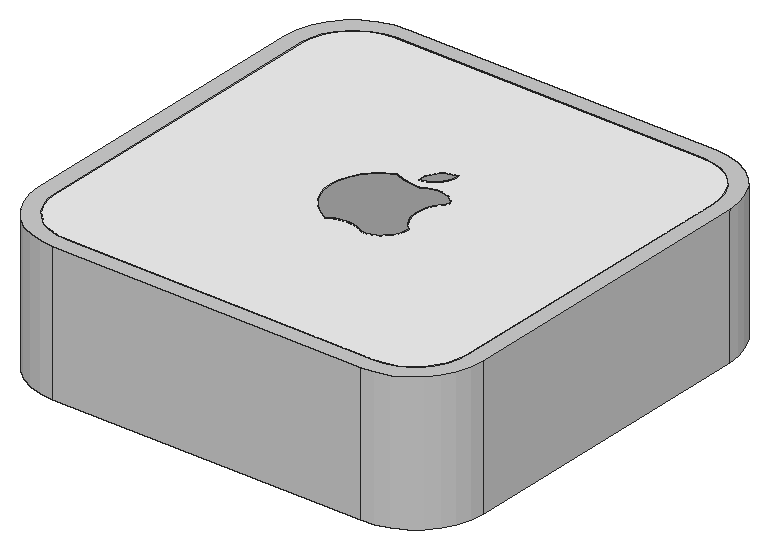
Revit family
Parameters
  Width Shell = 0' - 0 31/128"
  Width = 0' - 6 1/2"
  Material Shell = Aluminium
  Material Logo = Frosted Glass Dark
  Material Inner = Frosted Glass
  Height = 0' - 2"
Reference planes (in)
  plane 1 "Center (Front/Back)": y = 0.25
  plane 2: z = 0
  plane 3 "Center (Left/Right)": x = 0
  plane 4: x = -3.25
  plane 5: x = 3.25
  plane 6: y = 3.5
  plane 7: y = -3
  plane 8: z = 2
  plane 9: x = -3.00781
  plane 10: y = 3.25781
  plane 11: y = -2.75781
  plane 12: x = 3.00781
  plane 13: z = 1.75
  plane 14: z = 1.625
  plane 15: x = -2.75781
  plane 16: x = 2.75781
Forms (in)
  Extrusion 1, solid, material "Aluminium" <- "Material Shell"
    sketch origin (0, 0, 0) x (1, 0, 0) y (0, 1, 0)
      loop
        arc (-2.25, 3.5) -> (-2.95711, 3.20711) -> (-3.25, 2.5) r 1
        line (-3.25, 2.5) -> (-3.25, -2)
        arc (-3.25, -2) -> (-2.95711, -2.70711) -> (-2.25, -3) r 1
        line (-2.25, -3) -> (2.25, -3)
        arc (2.25, -3) -> (2.95711, -2.70711) -> (3.25, -2) r 1
        line (3.25, -2) -> (3.25, 2.5)
        arc (3.25, 2.5) -> (2.95711, 3.20711) -> (2.25, 3.5) r 1
        line (2.25, 3.5) -> (-2.25, 3.5)
      loop
        arc (-2.25781, 3.25781) -> (-2.78814, 3.03814) -> (-3.00781, 2.50781) r 0.75
        line (-3.00781, 2.50781) -> (-3.00781, -2.00781)
        arc (-3.00781, -2.00781) -> (-2.78814, -2.53814) -> (-2.25781, -2.75781) r 0.75
        line (-2.25781, -2.75781) -> (2.25781, -2.75781)
        arc (2.25781, -2.75781) -> (2.78814, -2.53814) -> (3.00781, -2.00781) r 0.75
        line (3.00781, -2.00781) -> (3.00781, 2.50781)
        arc (3.00781, 2.50781) -> (2.78814, 3.03814) -> (2.25781, 3.25781) r 0.75
        line (2.25781, 3.25781) -> (-2.25781, 3.25781)
    from 0 to 2
  Extrusion 2, solid, material "Frosted Glass" <- "Material Inner"
    sketch origin (0, 0, 0) x (1, 0, 0) y (0, 1, 0)
      loop
        arc (-3.00781, -2.00781) -> (-2.78814, -2.53814) -> (-2.25781, -2.75781) r 0.75
        line (-2.25781, -2.75781) -> (2.25781, -2.75781)
        arc (2.25781, -2.75781) -> (2.78814, -2.53814) -> (3.00781, -2.00781) r 0.75
        line (3.00781, -2.00781) -> (3.00781, 2.50781)
        arc (3.00781, 2.50781) -> (2.78814, 3.03814) -> (2.25781, 3.25781) r 0.75
        line (2.25781, 3.25781) -> (-2.25781, 3.25781)
        arc (-2.25781, 3.25781) -> (-2.78814, 3.03814) -> (-3.00781, 2.50781) r 0.75
        line (-3.00781, 2.50781) -> (-3.00781, -2.00781)
      loop
        arc (-0.25166, 0.78418) -> (-0.68908, 0.1332) -> (-0.25218, -0.51814) r 0.70354
        arc (-0.25218, -0.51814) -> (0.01429, -0.4404) -> (0.28074, -0.5182) r 0.49539
        arc (0.28074, -0.5182) -> (0.55266, -0.40557) -> (0.66529, -0.13365) r 0.38455
        arc (0.66529, -0.13365) -> (0.49016, 0.24159) -> (0.66553, 0.61671) r 0.48923
        arc (0.66553, 0.61671) -> (0.44126, 0.78098) -> (0.17406, 0.70427) r 0.31571
        arc (0.17406, 0.70427) -> (-0.04333, 0.72008) -> (-0.25166, 0.78418) r 0.9671
      loop
        arc (0.33583, 1.19403) -> (0.09789, 1.08875) -> (0.03553, 0.83614) r 0.29537
        arc (0.03553, 0.83614) -> (0.25775, 0.95462) -> (0.33583, 1.19403) r 0.33706
    from 1.75 to 2
  Extrusion 3, solid, material "Frosted Glass Dark" <- "Material Logo"
    sketch origin (0, 0, 0) x (1, 0, 0) y (0, 1, 0)
      loop
        arc (-0.25218, -0.51814) -> (0.01429, -0.4404) -> (0.28074, -0.5182) r 0.49539
        arc (0.28074, -0.5182) -> (0.55266, -0.40557) -> (0.66529, -0.13365) r 0.38455
        arc (0.66529, -0.13365) -> (0.49016, 0.24159) -> (0.66553, 0.61671) r 0.48923
        arc (0.66553, 0.61671) -> (0.44126, 0.78098) -> (0.17406, 0.70427) r 0.31571
        arc (0.17406, 0.70427) -> (-0.04333, 0.72008) -> (-0.25166, 0.78418) r 0.9671
        arc (-0.25166, 0.78418) -> (-0.68908, 0.1332) -> (-0.25218, -0.51814) r 0.70354
      loop
        arc (0.03553, 0.83614) -> (0.25775, 0.95462) -> (0.33583, 1.19403) r 0.33706
        arc (0.33583, 1.19403) -> (0.09789, 1.08875) -> (0.03553, 0.83614) r 0.29537
    from 1.91991 to 2
Lines and regions (in)
  symbolic lines
    curve 1: line (-2.25, -3, 0) -> (2.25, -3, 0)
    curve 2: arc (2.25, -3, 0) -> (2.95711, -2.70711, 0) -> (3.25, -2, 0) r 1
    curve 3: line (3.25, -2, 0) -> (3.25, 2.5, 0)
    curve 4: arc (3.25, 2.5, 0) -> (2.95711, 3.20711, 0) -> (2.25, 3.5, 0) r 1
    curve 5: line (2.25, 3.5, 0) -> (-2.25, 3.5, 0)
    curve 6: arc (-2.25, 3.5, 0) -> (-2.95711, 3.20711, 0) -> (-3.25, 2.5, 0) r 1
    curve 7: line (-3.25, 2.5, 0) -> (-3.25, -2, 0)
    curve 8: arc (-3.25, -2, 0) -> (-2.95711, -2.70711, 0) -> (-2.25, -3, 0) r 1
    curve 9: line (-2.25781, -2.75781, 0) -> (2.25781, -2.75781, 0)
    curve 10: arc (2.25781, -2.75781, 0) -> (2.78814, -2.53814, 0) -> (3.00781, -2.00781, 0) r 0.75
    curve 11: line (3.00781, -2.00781, 0) -> (3.00781, 2.50781, 0)
    curve 12: arc (3.00781, 2.50781, 0) -> (2.78814, 3.03814, 0) -> (2.25781, 3.25781, 0) r 0.75
    curve 13: line (2.25781, 3.25781, 0) -> (-2.25781, 3.25781, 0)
    curve 14: arc (-2.25781, 3.25781, 0) -> (-2.78814, 3.03814, 0) -> (-3.00781, 2.50781, 0) r 0.75
    curve 15: line (-3.00781, 2.50781, 0) -> (-3.00781, -2.00781, 0)
    curve 16: arc (-3.00781, -2.00781, 0) -> (-2.78814, -2.53814, 0) -> (-2.25781, -2.75781, 0) r 0.75
    curve 17: arc (-0.25166, 0.78418, 0) -> (-0.68908, 0.1332, 0) -> (-0.25218, -0.51814, 0) r 0.70354
    curve 18: arc (-0.25218, -0.51814, 0) -> (0.01429, -0.4404, 0) -> (0.28074, -0.5182, 0) r 0.49539
    curve 19: arc (0.28074, -0.5182, 0) -> (0.55266, -0.40557, 0) -> (0.66529, -0.13365, 0) r 0.38455
    curve 20: arc (0.66529, -0.13365, 0) -> (0.49016, 0.24159, 0) -> (0.66553, 0.61671, 0) r 0.48923
    curve 21: arc (0.66553, 0.61671, 0) -> (0.44126, 0.78098, 0) -> (0.17406, 0.70427, 0) r 0.31571
    curve 22: arc (0.17406, 0.70427, 0) -> (-0.04333, 0.72008, 0) -> (-0.25166, 0.78418, 0) r 0.9671
    curve 23: arc (0.03553, 0.83614, 0) -> (0.25775, 0.95462, 0) -> (0.33583, 1.19403, 0) r 0.33706
    curve 24: arc (0.33583, 1.19403, 0) -> (0.09789, 1.08875, 0) -> (0.03553, 0.83614, 0) r 0.29537
    curve 25: arc (-3.00781, 2.50781, 0) -> (-2.78814, 3.03814, 0) -> (-2.25781, 3.25781, 0) r 0.75
  model lines
    curve 26: arc (-2.19531, -3, 1.75) -> (-2.25781, -3, 1.6875) -> (-2.19531, -3, 1.625) r 0.0625
    curve 27: line (-2.19531, -3, 1.625) -> (2.19531, -3, 1.625)
    curve 28: line (2.19531, -3, 1.75) -> (-2.19531, -3, 1.75)
    curve 29: arc (2.19531, -3, 1.625) -> (2.25781, -3, 1.6875) -> (2.19531, -3, 1.75) r 0.0625
Dimensions and locks (in)
  equal spacing: plane 4, plane 3 "Center (Left/Right)", plane 5
  equal spacing: plane 7, plane 1 "Center (Front/Back)", plane 6
  "Width": plane 4 to plane 5
  "Width": plane 7 to plane 6
  "Height": plane 8 to level
  "Width Shell": plane 10 to plane 6
  "Width Shell": plane 11 to plane 7
  "Width Shell": plane 4 to plane 9
  "Width Shell": plane 12 to plane 5
  locked: plane 8 to plane 13 at 0.25
  locked: plane 15 to plane 9 at 0.25
  locked: plane 16 to plane 12 at 0.25
  locked: plane 13 to plane 14 at 0.125
  aligned and locked: plane 5 to Extrusion 1 sketch curve
  aligned and locked: Extrusion 1 to level
  aligned and locked: plane 8 to Extrusion 1
  aligned and locked: Extrusion 2 sketch curve to Extrusion 1  (x4)
  aligned and locked: curve 1 to Extrusion 1
  aligned and locked: curve 3 to Extrusion 1
  aligned and locked: curve 5 to Extrusion 1
  aligned and locked: curve 7 to Extrusion 1
  aligned and locked: curve 9 to Extrusion 2
  aligned and locked: curve 11 to Extrusion 2
  aligned and locked: curve 13 to Extrusion 2
  aligned and locked: curve 15 to Extrusion 2
  aligned and locked: Extrusion 2 to plane 13
  aligned and locked: plane 8 to Extrusion 2
  aligned and locked: plane 8 to Extrusion 3
Automatic sketch dimensions
  Extrusion 1 sketch curve to plane 4 = 0' - 0"
  Extrusion 1 sketch curve to plane 9 = 0' - 0"
  Extrusion 1 sketch curve to plane 10 = 0' - 0"
  Extrusion 1 sketch curve to plane 11 = 0' - 0"
  Extrusion 1 sketch curve to plane 7 = 0' - 0"
  Extrusion 1 sketch curve to plane 6 = 0' - 0"
  Extrusion 1 sketch curve to plane 12 = 0' - 0"
  plane 9 to Extrusion 1 sketch curve = 0' - 0 3/4"  (x2)
  Extrusion 1 sketch curve to Extrusion 1 sketch curve = 0' - 0 1/128"  (x4)
  plane 12 to Extrusion 1 sketch curve = 0' - 0 97/128"  (x2)
  plane 9 to Extrusion 2 sketch curve = 0' - 0 3/4"
  Extrusion 2 sketch curve to Extrusion 2 sketch curve = 0' - 0 3/4"
  plane 12 to Extrusion 2 sketch curve = 0' - 0 3/4"
  plane 9 to curve 8 = 0' - 0 97/128"
  plane 9 to curve 6 = 0' - 0 97/128"
  plane 12 to curve 4 = 0' - 0 97/128"
  plane 12 to curve 1 = 0' - 0 97/128"
  curve 16 to curve 1 = 0' - 0 1/128"
  curve 13 to curve 6 = 0' - 0 1/128"
  curve 2 to curve 10 = 0' - 0 1/128"
  curve 4 to curve 12 = 0' - 0 1/128"
  Extrusion 3 sketch curve to plane 3 "Center (Left/Right)" = 0' - 0.25218"
  Extrusion 3 sketch curve to plane 3 "Center (Left/Right)" = 0' - 0.25166"
  Extrusion 3 sketch curve to plane 3 "Center (Left/Right)" = 0' - 0.00045"
  plane 3 "Center (Left/Right)" to Extrusion 3 sketch curve = 0' - 0.01423"
  plane 3 "Center (Left/Right)" to Extrusion 3 sketch curve = 0' - 0.01446"
  plane 3 "Center (Left/Right)" to Extrusion 3 sketch curve = 0' - 0.03553"
  plane 3 "Center (Left/Right)" to Extrusion 3 sketch curve = 0' - 0.1351"
  plane 3 "Center (Left/Right)" to Extrusion 3 sketch curve = 0' - 0.17406"
  plane 3 "Center (Left/Right)" to Extrusion 3 sketch curve = 0' - 0.28074"
  Extrusion 3 sketch curve to Extrusion 3 sketch curve = 0' - 0.1501"
  Extrusion 3 sketch curve to Extrusion 3 sketch curve = 0' - 0.01167"
  Extrusion 3 sketch curve to plane 1 "Center (Front/Back)" = 0' - 0.22016"
  Extrusion 3 sketch curve to Extrusion 3 sketch curve = 0' - 0.21183"
  Extrusion 3 sketch curve to Extrusion 3 sketch curve = 0' - 0.38455"
  Extrusion 3 sketch curve to Extrusion 3 sketch curve = 0' - 0.27964"
  plane 1 "Center (Front/Back)" to Extrusion 3 sketch curve = 0' - 0.00857"
  Extrusion 3 sketch curve to Extrusion 3 sketch curve = 0' - 0.3141"
  plane 1 "Center (Front/Back)" to Extrusion 3 sketch curve = 0' - 0.11709"
  plane 1 "Center (Front/Back)" to Extrusion 3 sketch curve = 0' - 0.38365"
  Extrusion 3 sketch curve to Extrusion 3 sketch curve = 0' - 0.00006"
  Extrusion 3 sketch curve to Extrusion 3 sketch curve = 0' - 0.13188"
  Extrusion 3 sketch curve to Extrusion 3 sketch curve = 0' - 0.19462"
  curve 17 to plane 3 "Center (Left/Right)" = 0' - 0.25218"
  curve 17 to plane 3 "Center (Left/Right)" = 0' - 0.25166"
  plane 3 "Center (Left/Right)" to curve 17 = 0' - 0.01446"
  plane 1 "Center (Front/Back)" to curve 17 = 0' - 0.11709"
  plane 3 "Center (Left/Right)" to curve 18 = 0' - 0.01423"
  plane 3 "Center (Left/Right)" to curve 18 = 0' - 0.28074"
  curve 18 to curve 18 = 0' - 0.41759"
  curve 19 to curve 19 = 0' - 0.38455"
  curve 20 to plane 1 "Center (Front/Back)" = 0' - 0.36671"
  plane 3 "Center (Left/Right)" to curve 20 = 0' - 0.66553"
  plane 1 "Center (Front/Back)" to curve 20 = 0' - 0.00857"
  curve 20 to curve 20 = 0' - 0.3141"
  plane 3 "Center (Left/Right)" to curve 21 = 0' - 0.17406"
  curve 21 to curve 20 = 0' - 0.27964"
  curve 21 to plane 1 "Center (Front/Back)" = 0' - 0.22016"
  plane 3 "Center (Left/Right)" to curve 22 = 0' - 0.1351"
  curve 23 to plane 3 "Center (Left/Right)" = 0' - 0.00045"
  plane 3 "Center (Left/Right)" to curve 23 = 0' - 0.03553"
  curve 22 to curve 23 = 0' - 0.13188"
  curve 23 to curve 23 = 0' - 0.33513"
  curve 21 to curve 24 = 0' - 0.1501"
  curve 21 to curve 24 = 0' - 0.19462"
  Extrusion 2 sketch curve to plane 3 "Center (Left/Right)" = 0' - 0.25218"
  Extrusion 2 sketch curve to plane 3 "Center (Left/Right)" = 0' - 0.25166"
  plane 3 "Center (Left/Right)" to Extrusion 2 sketch curve = 0' - 0.01423"
  plane 3 "Center (Left/Right)" to Extrusion 2 sketch curve = 0' - 0.01446"
  plane 3 "Center (Left/Right)" to Extrusion 2 sketch curve = 0' - 0.1351"
  plane 3 "Center (Left/Right)" to Extrusion 2 sketch curve = 0' - 0.17406"
  plane 3 "Center (Left/Right)" to Extrusion 2 sketch curve = 0' - 0.28074"
  Extrusion 2 sketch curve to Extrusion 2 sketch curve = 0' - 0.21183"
  Extrusion 2 sketch curve to Extrusion 2 sketch curve = 0' - 0.38455"
  Extrusion 2 sketch curve to Extrusion 2 sketch curve = 0' - 0.27964"
  plane 1 "Center (Front/Back)" to Extrusion 2 sketch curve = 0' - 0.00857"
  Extrusion 2 sketch curve to Extrusion 2 sketch curve = 0' - 0.31387"
  plane 1 "Center (Front/Back)" to Extrusion 2 sketch curve = 0' - 1.18579"
  Extrusion 2 sketch curve to Extrusion 2 sketch curve = 0' - 0.41759"
  plane 1 "Center (Front/Back)" to Extrusion 2 sketch curve = 0' - 0.11709"
  Extrusion 2 sketch curve to plane 1 "Center (Front/Back)" = 0' - 0.22016"
  Extrusion 2 sketch curve to plane 3 "Center (Left/Right)" = 0' - 0.00045"
  plane 3 "Center (Left/Right)" to Extrusion 2 sketch curve = 0' - 0.03553"
  Extrusion 2 sketch curve to Extrusion 2 sketch curve = 0' - 0.1501"
  Extrusion 2 sketch curve to Extrusion 2 sketch curve = 0' - 0.01167"
  Extrusion 2 sketch curve to Extrusion 2 sketch curve = 0' - 0.13188"
  Extrusion 2 sketch curve to Extrusion 2 sketch curve = 0' - 0.19462"
  Extrusion 1 to curve 26 = 0' - 0 1/4"
  Extrusion 1 to curve 26 = 0' - 0 7/128"
  curve 27 to Extrusion 1 = 0' - 0 7/128"
  curve 28 to curve 29 = 0' - 0 1/16"
